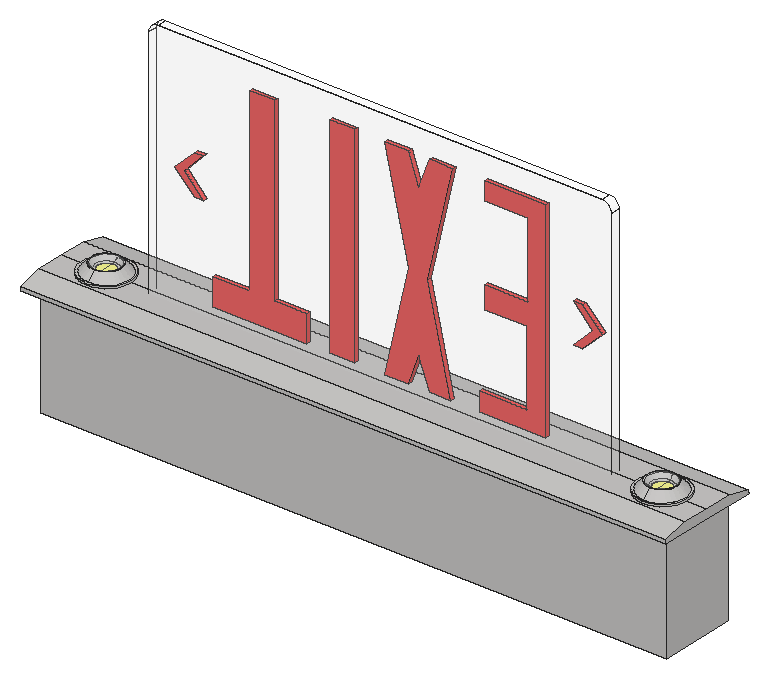
Revit family "CELC-Surface", category Lighting Fixtures, host Face, Revit 2014
Parameters (values of type "CELC")
  zz Length 1 [instance] = if(Single Face, 0.200", 0.250")  # 0.200"
  Width = 2.0625"
  Watts = 3.72 W
  Wattage Comments = "3.72 W"
  Warranty = "2 year full unit warranty"  # constant formula
  Wall Plate Material = Hubbell - Black
  Voltage [instance] = if(Is 120VAC, 120 V, 277 V)  # 120 V
  URL = "https://www.hubbell.com/compassproducts/en/"
  Type Comments = "Exit Light"  # constant formula
  Single Face = yes
  Sign = Hubbell - Red Glass
  Product Page URL = "https://www.hubbell.com/compassproducts/en/Products/Lighting-Controls/Emergency-Exit-Lighting/Exit-Message-Signs/CELC/p/4497699"
  Product Documentation Link = "https://hubbellcdn.com/specsheet/COM_CELC_SPEC.pdf"
  Model = "CELC"
  Manufacturer = "Compass Lighting"  # constant formula
  Load Classification = Lighting
  Lens = Hubbell Light Yellow
  Length = 16.720"
  Lamp = "LED Lamp"  # constant formula
  Is 277VAC [instance] = not(Is 120VAC)  # no
  Is 120VAC [instance] = yes
  Holder Material = Hubbell - Steel
  Glass = Hubbell - light Glass
  Finish = Hubbell - White
  Features = "Superior panel illumination with 6 inch Red or Green letters\r\n• LED life-cycle exceeding 10 years\r\n• Battery re-charge within 24 hours\r\n• Damp location listed 10°C to 40°C (50°F to 104°F)\r\n• Dual-voltage 120 or 277V AC, 60 Hz. input\r\n• Includes long-life Nickel Metal Hydride battery for UL recognized 90\r\nminute emergency lighting\r\n• Pre-installed directional arrow indicator with template\r\n• Provided with test switch and AC-On indicator\r\n• Canopy included for surface mount model\r\n• Matching CELEM Recessed emergency light"  # constant formula
  Double Face = no
  Description = "The CELEM Series is a recessed architectural LED based Emergency Light with adjustable LED lamps"  # constant formula
  Default Elevation = 48.000"
  Certification = "UL924 Listed for Damp Location\r\n• NFPA 101\r\n• NFPA 70\r\n• OSHA\r\n• CEC T20 Compliant"  # constant formula
  Apparent Load = Watts  # 3.72 VA
Reference planes (in)
  plane 1 "Center (Front/Back)": y = 0
  plane 2: z = 0
  plane 3 "Center (Left/Right)": x = 0
  plane 4: z = 8.2
  plane 5: x = -8.36
  plane 6: x = 8.36
  plane 7: y = 1.03125
  plane 8: y = -1.03125
  plane 9: y = 1.375
  plane 10: y = -1.375
  plane 11: z = 0.5
  plane 12: x = -8.62
  plane 13: x = 8.62
  plane 14: z = -2.98
Forms (in)
  Extrusion 1, solid, material "Hubbell - Steel" <- "Holder Material"
    sketch origin (0, 0, 0) x (1, 0, 0) y (0, 1, 0)
      loop
        line (-8.36, 1.03125) -> (-8.36, -1.03125) -> (8.36, -1.03125) -> (8.36, 1.03125) -> (-8.36, 1.03125)
    from 0 to -2.98
  Extrusion 2, solid, material "Hubbell - Steel" <- "Holder Material"
    sketch origin (0, 0, 0) x (0, 1, 0) y (0, 0, 1)
      loop
        line (0, 0) -> (1.375, 0) -> (1.375, 0.1) -> (0.75, 0.25) -> (0, 0.25) -> (-0.75, 0.25) -> (-1.375, 0.1) -> (-1.375, 0) -> (0, 0)
    from -8.62 to 8.62
  Revolve 3, solid, material "Hubbell - Steel" <- "Holder Material"
    sketch origin (7.42, 0, 0) x (0, 1, 0) y (0, 0, 1)
      loop
        line (0, 0.25) -> (0, 0.36238) -> (-0.24529, 0.36238)
        arc (-0.24529, 0.36238) -> (-0.26556, 0.37846) -> (-0.28583, 0.36238) r 0.02081
        line (-0.28583, 0.36238) -> (-0.36694, 0.49219) -> (-0.40004, 0.49219) -> (-0.60116, 0.29106) -> (-0.66358, 0.29106) -> (-0.66358, 0.25) -> (0, 0.25)
      axis (0, 0.49219) -> (0, 0.25)
    angle from 0 to 360
  Extrusion 4, solid, material "Hubbell - light Glass" <- "Glass"
    sketch origin (0.42188, 0, 0) x (1, 0, 0) y (0, 1, 0)
      loop
        circle (-7.84437, 0) r 0.40004
      loop
        circle (6.99281, 0) r 0.40004
    from 0.49219 to 0.5
  Revolve 5, solid, material "Hubbell Light Yellow" <- "Lens"
    sketch origin (7.42188, 0, 0) x (0, 1, 0) y (0, 0, 1)
      loop
        line (0, 0.34871) -> (0, 0.37954)
        arc (0, 0.37954) -> (-0.15992, 0.37335) -> (-0.31805, 0.34871) r 1.38132
        line (-0.31805, 0.34871) -> (0, 0.34871)
      axis (0, 0.37954) -> (0, 0.34017)
    angle from 0 to 360
  Extrusion 6, solid, material "Hubbell - light Glass"
    sketch origin (0, 0, 0) x (1, 0, 0) y (0, 0, 1)
      loop
        line (-6.18, 0) -> (6.18, 0) -> (6.18, 6.5)
        arc (6.18, 6.5) -> (6.10678, 6.67678) -> (5.93, 6.75) r 0.25
        line (5.93, 6.75) -> (-5.93, 6.75)
        arc (-5.93, 6.75) -> (-6.10678, 6.67678) -> (-6.18, 6.5) r 0.25
        line (-6.18, 6.5) -> (-6.18, 0)
    from -0.13 to 0.13
  Revolve 7, solid, material "Hubbell - Steel" <- "Holder Material"
    sketch origin (-7.42, 0, 0) x (0, 1, 0) y (0, 0, -1)
      loop
        line (0, -0.25) -> (-0.66358, -0.25) -> (-0.66358, -0.29106) -> (-0.60116, -0.29106) -> (-0.40004, -0.49219) -> (-0.36694, -0.49219) -> (-0.28583, -0.36238)
        arc (-0.28583, -0.36238) -> (-0.26556, -0.37846) -> (-0.24529, -0.36238) r 0.02081
        line (-0.24529, -0.36238) -> (0, -0.36238) -> (0, -0.25)
      axis (0, -0.49219) -> (0, -0.25)
    angle from 0 to 360
  Revolve 8, solid, material "Hubbell Light Yellow" <- "Lens"
    sketch origin (-7.42187, 0, 0) x (0, 1, 0) y (0, 0, -1)
      loop
        line (0, -0.34871) -> (-0.31805, -0.34871)
        arc (-0.31805, -0.34871) -> (-0.15992, -0.37335) -> (0, -0.37954) r 1.38132
        line (0, -0.37954) -> (0, -0.34871)
      axis (0, -0.37954) -> (0, -0.34017)
    angle from 0 to 360
  Extrusion 9, solid, material "Hubbell - Red Glass" <- "Sign"
    sketch origin (0, 0, 0) x (1, 0, 0) y (0, 0, 1)
      loop
        line (2.77177, 6.07448) -> (2.77177, 5.59334) -> (3.90922, 5.59334) -> (3.90922, 3.58995) -> (2.77177, 3.58995) -> (2.77177, 2.98453) -> (3.89036, 3) -> (3.89036, 1) -> (2.64036, 1) -> (2.64036, 0.5) -> (4.39036, 0.5) -> (4.39036, 6.07448) -> (2.77177, 6.07448)
      loop
        line (1.91855, 6.07343) -> (1.28797, 6.07343) -> (1.0108, 5.31189) -> (0.73362, 6.07343) -> (0.10305, 6.07343) -> (0.74629, 3.28724) -> (0.10305, 0.50106) -> (0.73362, 0.50106) -> (1.0108, 1.2626) -> (1.28797, 0.50106) -> (1.86839, 0.50106) -> (1.25023, 3.17862) -> (1.91855, 6.07343)
      loop
        line (-1.37557, 6.08998) -> (-1.37557, 0.50106) -> (-0.70595, 0.50106) -> (-0.70595, 6.08998) -> (-1.37557, 6.08998)
      loop
        line (-1.98045, 0.50106) -> (-1.98045, 1.23258) -> (-2.85276, 1.23258) -> (-2.85276, 6.02748) -> (-3.52238, 6.02748) -> (-3.52238, 1.23258) -> (-4.49222, 1.23258) -> (-4.49222, 0.50106) -> (-1.98045, 0.50106)
      loop
        line (5.12931, 4.03595) -> (5.65964, 3.50562) -> (5.12931, 2.97529) -> (5.37931, 2.97529) -> (5.90964, 3.50562) -> (5.37931, 4.03595) -> (5.12931, 4.03595)
      loop
        line (-4.7287, 4.03595) -> (-4.9787, 4.03595) -> (-5.50903, 3.50562) -> (-4.9787, 2.97529) -> (-4.7287, 2.97529) -> (-5.25903, 3.50562) -> (-4.7287, 4.03595)
    from 0 to 0.1
Dimensions and locks (in)
  plane 4 to plane 2 = 8.200"
  equal spacing: plane 8, plane 1 "Center (Front/Back)", plane 7
  "Width": plane 8 to plane 7
  equal spacing: plane 5, plane 3 "Center (Left/Right)", plane 6
  "Length": plane 5 to plane 6
  aligned and locked: plane 2 to host face
  aligned and locked: level to host face
  aligned and locked: Extrusion 2 to plane 12
  aligned and locked: plane 13 to Extrusion 2
Automatic sketch dimensions
  host sketch curve to host sketch curve = 96.000"  (x2)
  Extrusion 1 sketch curve to plane 5 = 0.000"
  Extrusion 1 sketch curve to plane 6 = 0.000"
  plane 8 to Extrusion 1 sketch curve = 0.000"
  plane 7 to Extrusion 1 sketch curve = 0.000"
  Extrusion 2 sketch curve to plane 10 = 0.000"
  Extrusion 2 sketch curve to level = 0.000"
  Extrusion 2 sketch curve to plane 1 "Center (Front/Back)" = 0.000"  (x2)
  Extrusion 2 sketch curve to plane 9 = 0.000"
  Extrusion 2 sketch curve to plane 8 = 0.28125"
  plane 7 to Extrusion 2 sketch curve = 0.28125"
  Extrusion 2 sketch curve to Extrusion 2 sketch curve = 0.100"  (x2)
  level to Extrusion 2 sketch curve = 0.250"
  Revolve 3 sketch curve to plane 1 "Center (Front/Back)" = 0.000"  (x2)
  plane 1 "Center (Front/Back)" to Revolve 3 sketch curve = 0.24529"
  Revolve 3 sketch curve to Revolve 3 sketch curve = 0.02027"  (x2)
  Revolve 3 sketch curve to plane 11 = 0.13762"
  Revolve 3 sketch curve to plane 11 = 0.00781"
  Revolve 3 sketch curve to Revolve 3 sketch curve = 0.08111"
  Revolve 3 sketch curve to Revolve 3 sketch curve = 0.0331"
  Revolve 3 sketch curve to plane 11 = 0.20894"
  Revolve 3 sketch curve to Revolve 3 sketch curve = 0.20112"
  Revolve 3 sketch curve to Revolve 3 sketch curve = 0.06242"
  Revolve 3 sketch curve to Revolve 3 sketch curve = 0.04106"
  Revolve 3 sketch curve to Revolve 3 sketch curve = 0.00473"
  Revolve 3 sketch curve to level = 24.000"
  plane 4 to Revolve 3 sketch curve = 31.70263"
  Extrusion 4 sketch curve to Extrusion 4 sketch curve = 0.000"  (x4)
  plane 1 "Center (Front/Back)" to Extrusion 4 sketch curve = 0.000"  (x2)
  plane 5 to Extrusion 4 sketch curve = 0.9375"
  Extrusion 4 sketch curve to plane 6 = 0.94531"
  Extrusion 4 sketch curve to Extrusion 4 sketch curve = 0.40004"  (x2)
  Revolve 5 sketch curve to plane 1 "Center (Front/Back)" = 0.000"  (x2)
  plane 1 "Center (Front/Back)" to Revolve 5 sketch curve = 0.02667"
  Revolve 5 sketch curve to plane 11 = 0.15129"
  plane 1 "Center (Front/Back)" to Revolve 5 sketch curve = 0.31805"
  Revolve 5 sketch curve to level = 1.00153"
  Revolve 5 sketch curve to Revolve 5 sketch curve = 22.99847"
  plane 4 to Revolve 5 sketch curve = 31.70263"
  Extrusion 6 sketch curve to level = 0.000"
  plane 5 to Extrusion 6 sketch curve = 2.180"
  Extrusion 6 sketch curve to Extrusion 6 sketch curve = 0.250"
  Extrusion 6 sketch curve to plane 4 = 1.450"
  Extrusion 6 sketch curve to plane 6 = 2.430"
  Extrusion 6 sketch curve to plane 6 = 2.180"
  Revolve 7 sketch curve to plane 1 "Center (Front/Back)" = 0.000"  (x2)
  plane 1 "Center (Front/Back)" to Revolve 7 sketch curve = 0.24529"
  Revolve 7 sketch curve to Revolve 7 sketch curve = 0.02027"  (x2)
  Revolve 7 sketch curve to plane 11 = 0.13762"
  Revolve 7 sketch curve to plane 11 = 0.00781"
  Revolve 7 sketch curve to Revolve 7 sketch curve = 0.08111"
  Revolve 7 sketch curve to Revolve 7 sketch curve = 0.0331"
  Revolve 7 sketch curve to plane 11 = 0.20894"
  Revolve 7 sketch curve to Revolve 7 sketch curve = 0.20112"
  Revolve 7 sketch curve to Revolve 7 sketch curve = 0.06242"
  Revolve 7 sketch curve to Revolve 7 sketch curve = 0.00473"
  Revolve 7 sketch curve to Revolve 7 sketch curve = 0.04106"
  plane 4 to Revolve 7 sketch curve = 31.70263"
  Revolve 7 sketch curve to level = 24.000"
  Revolve 8 sketch curve to plane 1 "Center (Front/Back)" = 0.000"  (x2)
  plane 1 "Center (Front/Back)" to Revolve 8 sketch curve = 0.02667"
  Revolve 8 sketch curve to plane 11 = 0.15129"
  plane 1 "Center (Front/Back)" to Revolve 8 sketch curve = 0.31805"
  Revolve 8 sketch curve to Revolve 8 sketch curve = 0.03082"
  plane 4 to Revolve 8 sketch curve = 31.70263"
  Revolve 8 sketch curve to Revolve 8 sketch curve = 22.99847"
  Extrusion 9 sketch curve to plane 11 = 0.000"
  plane 5 to Extrusion 9 sketch curve = 2.85097"
  Extrusion 9 sketch curve to Extrusion 9 sketch curve = 0.250"  (x4)
  Extrusion 9 sketch curve to Extrusion 9 sketch curve = 0.28033"  (x3)
  plane 11 to Extrusion 9 sketch curve = 0.00106"  (x4)
  Extrusion 9 sketch curve to Extrusion 9 sketch curve = 0.23648"
  Extrusion 9 sketch curve to Extrusion 9 sketch curve = 1.20632"
  Extrusion 9 sketch curve to Extrusion 9 sketch curve = 0.66962"  (x2)
  Extrusion 9 sketch curve to Extrusion 9 sketch curve = 0.87231"
  Extrusion 9 sketch curve to Extrusion 9 sketch curve = 0.60488"
  plane 3 "Center (Left/Right)" to Extrusion 9 sketch curve = 0.10305"  (x2)
  Extrusion 9 sketch curve to Extrusion 9 sketch curve = 0.63057"  (x3)
  plane 3 "Center (Left/Right)" to Extrusion 9 sketch curve = 0.74629"
  Extrusion 9 sketch curve to Extrusion 9 sketch curve = 0.27718"  (x2)
  Extrusion 9 sketch curve to Extrusion 9 sketch curve = 0.50394"
  Extrusion 9 sketch curve to Extrusion 9 sketch curve = 0.55436"  (x2)
  Extrusion 9 sketch curve to Extrusion 9 sketch curve = 0.58042"
  Extrusion 9 sketch curve to Extrusion 9 sketch curve = 0.77196"
  Extrusion 9 sketch curve to Extrusion 9 sketch curve = 0.85323"
  Extrusion 9 sketch curve to Extrusion 9 sketch curve = 1.52154"
  plane 11 to Extrusion 9 sketch curve = 0.500"
  Extrusion 9 sketch curve to Extrusion 9 sketch curve = 1.250"
  Extrusion 9 sketch curve to Extrusion 9 sketch curve = 0.01886"
  Extrusion 9 sketch curve to Extrusion 9 sketch curve = 0.500"
  Extrusion 9 sketch curve to Extrusion 9 sketch curve = 1.23895"
  Extrusion 9 sketch curve to Extrusion 9 sketch curve = 0.000"  (x5)
  Extrusion 9 sketch curve to Extrusion 9 sketch curve = 0.73153"
  plane 11 to Extrusion 9 sketch curve = 0.7626"
  Extrusion 9 sketch curve to Extrusion 9 sketch curve = 1.98453"
  Extrusion 9 sketch curve to Extrusion 9 sketch curve = 0.01547"
  Extrusion 9 sketch curve to Extrusion 9 sketch curve = 0.19409"
  Extrusion 9 sketch curve to Extrusion 9 sketch curve = 0.02471"
  Extrusion 9 sketch curve to Extrusion 9 sketch curve = 1.74271"
  Extrusion 9 sketch curve to Extrusion 9 sketch curve = 0.10862"
  Extrusion 9 sketch curve to Extrusion 9 sketch curve = 0.58995"
  Extrusion 9 sketch curve to Extrusion 9 sketch curve = 0.53033"  (x2)
  Extrusion 9 sketch curve to Extrusion 9 sketch curve = 2.02465"
  Extrusion 9 sketch curve to Extrusion 9 sketch curve = 0.28145"
  Extrusion 9 sketch curve to plane 4 = 2.17252"
  Extrusion 9 sketch curve to Extrusion 9 sketch curve = 0.48009"
  Extrusion 9 sketch curve to Extrusion 9 sketch curve = 0.48114"
  Extrusion 9 sketch curve to Extrusion 9 sketch curve = 0.0625"
Nested families (in)
  nested 1: "Family1" at (7.43228, 0.10727, -53.5) x (-1, 0, 0) z (0, 0, 1), type "Family1"
  nested 2: "Family1" at (-7.43228, 0.10727, -53.5), type "Family1"
Connectors (in)
  electrical at (0, 0, -2.98), driven by "Voltage", driven by "Apparent Load"
    settings: on Extrusion 1, index 1, voltage 120 V, apparent load 3.72 VA, apparent load phase1 0 VA, apparent load phase2 0 VA, apparent load phase3 0 VA, power factor 1, load classification "Other", number of poles 1, system type 30, power factor state 1, is connector primary yes, connector utility no, sub classification motor no, connector description "Lighting Connector"
Definition of nested family "Family1"
  Parameters (values of type "Family1")
    Wattage = 12.1178 W
    built-in parameter 1150110 = 1 (stored number, unit not read)
    built-in parameter 1114217 = 1 (stored number, unit not read)
    Tilt Angle = 0.00°
    built-in parameter 1150109 = 1 (stored number, unit not read)
    built-in parameter 1150134 = (empty or 0)
    built-in parameter 1150113 = 1 (stored number, unit not read)
    Photometric Web File = "CELEM.ies"
    Lumens = 1800 lm
    built-in parameter 1150115 = 1 (stored number, unit not read)
    built-in parameter 1150105 = -190950 (stored number, unit not read)
    built-in parameter 1150137 = (empty or 0)
    built-in parameter 1150139 = (empty or 0)
    built-in parameter 1150112 = 1 (stored number, unit not read)
    built-in parameter 1150114 = 1 (stored number, unit not read)
    built-in parameter 1150132 = 2
    built-in parameter 1150102 = (empty or 0)
    built-in parameter 1150138 = (empty or 0)
    built-in parameter 1150107 = 3000 (stored number, unit not read)
    built-in parameter 1150106 = -1909.5 (stored number, unit not read)
    built-in parameter 1150104 = 13.8 (stored number, unit not read)
    Dimming Lamp Color Temperature Shift = (empty or 0)
    Color Filter = 16777215
    built-in parameter 1114218 = 1 (stored number, unit not read)
    built-in parameter 1150133 = 10 (stored number, unit not read)
  Reference planes (in)
    plane 1 "Light Source Axis (F/B)": y = 0
    plane 2: z = 0
    plane 3 "Light Source Axis (L/R)": x = 0
    plane 4 "Light Source Elevation": z = 54
  Dimensions and locks (in)
    aligned and locked: plane 3 "Light Source Axis (L/R)" to imposter light
    aligned and locked: level to plane 2
